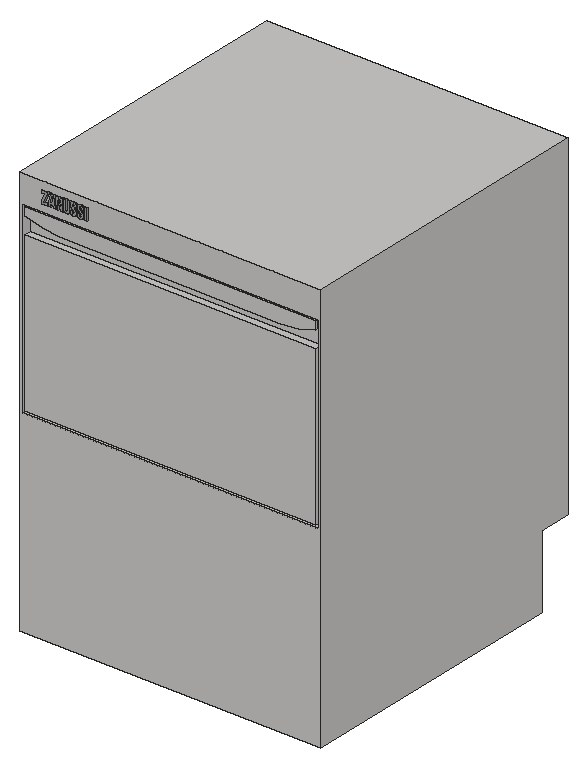
Revit family "QF_ZANUSSI_502727_ZLAI3", category Specialty Equipment, Revit 2018
Family settings
  Round Connector Dimension = Use Diameter
  Part Type = Normal
  Work Plane-Based = No
  Always vertical = Yes
  Cut with Voids When Loaded = No
  Shared = No
  Room Calculation Point = No
Parameters (values of type "Standard")
  Weight = 60.00 kg
  Watts = 0 W
  Volts = 400 V
  URL Manufacturer = "http://www.zanussiprofessional.com"
  URL = "http://www.zanussiprofessional.com"
  Steam Supply Size = 0 mm
  Steam Supply Minimum Pressure = 0.0 Pa
  Steam Supply Maximum Pressure = 0.0 Pa
  Steam Pounds per Hour = 0
  Show Logo [instance] = yes
  Show Clearance [instance] = yes
  Refrigeration Suction Line Size = 0 mm
  Refrigeration Liquid Line Size = 0 mm
  Refrigerant Compressor Remote = yes
  Manufacturer = "Zanussi"
  Phase = 3
  Model = "ZLAI3"
  Length Actual = 600 mm  # constant formula
  Item Number = "502727"
  Hot Water Size = 19.05 mm
  Height Actual = 820 mm  # constant formula
  HP = "7.2 HP"
  Gas Size = 0 mm
  Gas KW = 0
  Gas Input Pressure = 0 W
  Direct Waste Size = 40 mm
  Description = "UNDERCOUNTER(L), ACTIVE, DOUBLE SKIN, 3PH, 720D/H"
  Depth Actual = 615 mm  # constant formula
  Cycle = 50 Hz
  Condensate Return Size = 0 mm
  Compressed Air Volume = 0.0 L/s
  Compressed Air Size = 0 mm
  Compressed Air Pressure = 0.0 Pa
  Cold Water Size = 0 mm
  Accessory = yes
Reference planes
  plane 1 "Center (Front/Back)": y = 0
  plane 2: z = 0
  plane 3 "Center (Left/Right)": x = 0
  plane 4 "LEFT": x = -300
  plane 5 "RIGHT": x = 300
  plane 6 "FRONT": y = -307.5
  plane 7 "BACK": y = 307.5
  plane 8: x = -202.5
  plane 9: x = 202.5
  plane 10: z = 830
  plane 11: z = 10
  plane 12: y = -679.5
Forms (mm)
  Extrusion 1, solid, material "QF_Finishes_Stainless Steel"
    sketch origin (0, 0, 0) x (1, 0, 0) y (0, 1, 0)
      loop
        line (-300, -307.5) -> (300, -307.5) -> (300, 243.5) -> (-300, 243.5) -> (-300, -307.5)
    from 10 to 830
  Extrusion 2, solid, material "QF_Finishes_Stainless Steel"
    sketch origin (0, 0, 0) x (1, 0, 0) y (0, 1, 0)
      loop
        line (-300, 243.5) -> (300, 243.5) -> (300, 307.5) -> (-300, 307.5) -> (-300, 243.5)
    from 157.434 to 830
  Extrusion 3, void
    sketch origin (-300, -307.5, 0) x (-1, 0, 0) y (0, 0, 1)
      loop
        line (-5, 773.217) -> (-595, 773.217) -> (-595, 401.217) -> (-5, 401.217) -> (-5, 773.217)
    from 0 to 30
  Extrusion 4, solid, material "QF_Finishes_Stainless Steel"
    sketch origin (-274, -392, 733) x (0, 0, -1) y (1, 0, 0)
      loop
        circle (693, 143) r 10
    from -635.5 to -699.5
  Extrusion 5, solid, material "QF_Door-Drawer Clearances", visible <- "Show Clearance", detail levels coarse
    sketch origin (-230, -282.5, -30) x (0, 1, 0) y (0, 0, -1)
      loop
        line (-25, -431.217) -> (-397, -431.217)
        arc (-397, -431.217) -> (-288.044, -694.261) -> (-25, -803.217) r 372
        line (-25, -803.217) -> (-25, -431.217)
    from 59.655 to -520
  Extrusion 6, solid, material "QF_Finishes_Stainless Steel"
    sketch origin (-331.481, -392, 703) x (0, 0, -1) y (1, 0, 0)
      loop
        circle (663, 252.481) r 8
    from -635.5 to -699.5
  Extrusion 7, solid, material "QF_Finishes_Stainless Steel"
    sketch origin (-230, -282.5, 0) x (0, 1, 0) y (0, 0, -1)
      loop
        line (-25, -406.25) -> (-25, -720) -> (-10, -720) -> (-10, -770) -> (0, -770) -> (0, -406.25) -> (-25, -406.25)
    from 59.655 to -520
  Extrusion 8, solid, material "QF_Finishes_Stainless Steel"
    sketch origin (-230, -282.5, 0) x (0, 1, 0) y (0, 0, -1)
      loop
        line (-10, -770) -> (-10, -767.514) -> (-22.5, -767.514) -> (-22.5, -741.25) -> (-25, -741.25) -> (-25, -770) -> (-10, -770)
    from 59.655 to -520
  Extrusion 9, void
    sketch origin (-230, -307.5, 770) x (0, 0, 1) y (1, 0, 0)
      loop
        line (-28.75, 10.266) -> (-28.75, -59.655) -> (-15.552, -59.655)
        arc (-15.552, -59.655) -> (-25.346, -25.298) -> (-28.75, 10.266) r 196.283
      loop
        arc (-28.75, 450.08) -> (-25.346, 485.643) -> (-15.552, 520) r 196.283
        line (-15.552, 520) -> (-28.75, 520) -> (-28.75, 450.08)
    from 0 to 2.5
  Extrusion 10, solid, material "QF_Finishes_Stainless Steel"
    sketch origin (-301, 938.5, 792.934) x (0, -1, 0) y (1, 0, 0)
      loop
        circle (663, 158) r 8
    from -635.5 to -645.5
  Extrusion 11, solid, material "QF_Finishes_Stainless Steel"
    sketch origin (0, 17.5, 0) x (1, 0, 0) y (0, 1, 0)
      loop
        circle (-254, -255) r 12.5
      loop
        circle (254, -255) r 12.5
      loop
        circle (-254, 176) r 12.5
      loop
        circle (254, 176) r 12.5
    from 0 to 10
Cuts and joins
  Extrusion 3 cuts Extrusion 1
  joined: Extrusion 1, Extrusion 2
  Extrusion 9 cuts Extrusion 7
  Extrusion 9 cuts Extrusion 8
Lines and regions (mm)
  Split face 1
    outline origin (-280, -307.5, 830) x (0, 0, -1) y (1, 0, 0)
      loop
        line (19.683, 178.044) -> (39.683, 178.044) -> (39.683, 218.044) -> (19.683, 218.044) -> (19.683, 178.044)
  Split face 2
    outline origin (-300, -307.5, 830) x (0, 0, -1) y (1, 0, 0)
      loop
        line (0, 60) -> (8.971, 363.359)
        arc (8.971, 363.359) -> (10.385, 376.81) -> (13.197, 390.04) r 129.217
        line (13.197, 390.04) -> (16.45, 402.178)
        arc (16.45, 402.178) -> (21.39, 439.707) -> (16.45, 477.235) r 145
        line (16.45, 477.235) -> (12.733, 491.107)
        arc (12.733, 491.107) -> (7.775, 516.22) -> (4.504, 541.608) r 383.339
        line (4.504, 541.608) -> (0, 579.217)
      loop
        line (56.783, 109.273) -> (50.394, 371.184)
        arc (50.394, 371.184) -> (48.98, 384.635) -> (46.168, 397.865) r 129.217
        line (46.168, 397.865) -> (42.916, 410.003)
        arc (42.916, 410.003) -> (37.975, 447.532) -> (42.916, 485.06) r 145
        line (42.916, 485.06) -> (46.633, 498.932)
        arc (46.633, 498.932) -> (51.508, 520.123) -> (54.862, 541.608) r 305
        line (54.862, 541.608) -> (56.783, 557.653)
  Split face 3
    outline origin (-300, -307.5, 830) x (0, 0, -1) y (1, 0, 0)
      loop
        line (0.533, 600) -> (7.482, 541.965)
        arc (7.482, 541.965) -> (10.72, 516.79) -> (15.63, 491.887) r 380.339
        line (15.63, 491.887) -> (19.347, 478.015)
        arc (19.347, 478.015) -> (24.39, 439.71) -> (19.347, 401.405) r 148
        line (19.347, 401.405) -> (16.095, 389.267)
        arc (16.095, 389.267) -> (13.348, 376.344) -> (11.967, 363.205) r 126.217
        line (11.967, 363.205) -> (0, 2.678)
      loop
        line (56.783, 582.884) -> (51.883, 541.965)
        arc (51.883, 541.965) -> (48.562, 520.691) -> (43.735, 499.709) r 302
        line (43.735, 499.709) -> (40.018, 485.837)
        arc (40.018, 485.837) -> (34.975, 447.532) -> (40.018, 409.226) r 148
        line (40.018, 409.226) -> (43.27, 397.089)
        arc (43.27, 397.089) -> (46.017, 384.166) -> (47.398, 371.027) r 126.217
        line (47.398, 371.027) -> (56.783, 51.951)
  Split face 4
    outline origin (-300, -307.5, 830) x (0, 0, -1) y (1, 0, 0)
      loop
        line (56.783, 5) -> (56.783, 0)
      loop
        line (56.783, 595) -> (56.783, 600)
  symbolic lines
    curve 1: line (-300, 307.5, 0) -> (300, 307.5, 0)
    curve 2: line (-300, -307.5, 0) -> (-300, 307.5, 0)
    curve 3: line (300, -307.5, 0) -> (-300, -307.5, 0)
    curve 4: line (300, 307.5, 0) -> (300, -307.5, 0)
  symbolic lines, style "QF_Door-Drawer Clearances"
    curve 5: line (-290, -679.5, 0) -> (290, -679.5, 0)
    curve 6: line (290, -679.5, 0) -> (290, -307.5, 0)
    curve 7: line (-290, -679.5, 0) -> (-290, -307.5, 0)
  symbolic lines, style "SpecialityEquipmentHiddenLines"
    curve 8: line (-300, 243.5, 0) -> (300, 243.5, 0)
Dimensions and locks
  equal spacing: plane 4 "LEFT", plane 3 "Center (Left/Right)", plane 5 "RIGHT"
  equal spacing: plane 7 "BACK", plane 1 "Center (Front/Back)", plane 6 "FRONT"
  plane 7 "BACK" to plane 6 "FRONT" = 615 mm
  plane 4 "LEFT" to plane 5 "RIGHT" = 600 mm
  plane 4 "LEFT" to plane 8 = 97.5 mm
  plane 9 to plane 5 "RIGHT" = 97.5 mm
  plane 11 to level = 10 mm
  plane 4 "LEFT" to plane 3 "Center (Left/Right)" = 300 mm
  plane 10 to level = 830 mm  (x2)
  plane 8 to plane 9 = 405 mm
  Extrusion 10 sketch curve to plane 4 "LEFT" = 157 mm
  level to Extrusion 4 sketch curve = 40 mm
  Extrusion 4 sketch curve to plane 4 "LEFT" = 169 mm
  Extrusion 6 sketch curve to plane 4 "LEFT" = 221 mm
  level to Extrusion 6 sketch curve = 40 mm
  plane 9 to plane 8 = 405 mm
  plane 7 "BACK" to curve 5 = 987 mm
  cut or joined group of Extrusion 7, Extrusion 9 to cut or joined group of Extrusion 1, Extrusion 2, Extrusion 3 = 318.783 mm
  plane 10 to plane 11 = 820 mm
  cut or joined group of Extrusion 8, Extrusion 9 to Extrusion 5 = 368.783 mm
  plane 7 "BACK" to plane 12 = 987 mm
  aligned and locked: level to plane 2
  aligned and locked: Extrusion 1 sketch curve to plane 6 "FRONT"
  aligned and locked: Extrusion 1 sketch curve to plane 4 "LEFT"
  aligned and locked: plane 5 "RIGHT" to Extrusion 1 sketch curve
  aligned and locked: Extrusion 1 to plane 11
  aligned and locked: Extrusion 2 sketch curve to Extrusion 1  (x2)
  aligned and locked: plane 7 "BACK" to Extrusion 2 sketch curve
  aligned and locked: plane 5 "RIGHT" to Extrusion 2 sketch curve
  aligned and locked: Extrusion 2 to Extrusion 4
  aligned and locked: Extrusion 2 to Extrusion 6
  aligned and locked: plane 7 "BACK" to Extrusion 6
  aligned and locked: plane 7 "BACK" to Extrusion 4
  aligned and locked: cut or joined group of Extrusion 8, Extrusion 9 to Extrusion 9
  aligned and locked: plane 10 to Extrusion 2
Automatic sketch dimensions
  Extrusion 1 sketch curve to plane 7 "BACK" = 64 mm
  Extrusion 3 sketch curve to Extrusion 1 = 5 mm  (x2)
  Extrusion 3 sketch curve to Extrusion 1 = 428.783 mm
  Extrusion 3 sketch curve to Extrusion 1 = 56.783 mm
  Extrusion 7 sketch curve to plane 6 "FRONT" = 0 mm
  plane 6 "FRONT" to Extrusion 7 sketch curve = 15 mm
  Extrusion 7 sketch curve to Extrusion 7 sketch curve = 25 mm
  Extrusion 7 sketch curve to plane 10 = 60 mm
  Extrusion 7 sketch curve to Extrusion 7 sketch curve = 50 mm
  Extrusion 7 sketch curve to Extrusion 7 sketch curve = 313.75 mm
  Extrusion 8 sketch curve to plane 6 "FRONT" = 0 mm
  Extrusion 8 sketch curve to Extrusion 8 sketch curve = 2.5 mm
  Extrusion 8 sketch curve to Extrusion 8 sketch curve = 12.5 mm
  Extrusion 8 sketch curve to plane 10 = 60 mm
  Extrusion 8 sketch curve to Extrusion 8 sketch curve = 2.486 mm
  Extrusion 8 sketch curve to Extrusion 8 sketch curve = 26.264 mm
  Extrusion 9 sketch curve to Extrusion 8 = 0 mm  (x3)
  Extrusion 8 to Extrusion 9 sketch curve = 0 mm
  Extrusion 9 sketch curve to Extrusion 8 = 13.198 mm  (x2)
  Extrusion 9 sketch curve to Extrusion 8 = 70.763 mm  (x2)
  Extrusion 9 sketch curve to Extrusion 8 = 196.281 mm  (x2)
  Split face 1 sketch curve to cut or joined group of Extrusion 1, Extrusion 2, Extrusion 3 = 19.683 mm
  cut or joined group of Extrusion 1, Extrusion 2, Extrusion 3 to Split face 1 sketch curve = 17.1 mm
  Split face 1 sketch curve to cut or joined group of Extrusion 1, Extrusion 2, Extrusion 3 = 193.044 mm
  Split face 1 sketch curve to Split face 1 sketch curve = 40 mm
  Split face 2 sketch curve to cut or joined group of Extrusion 1, Extrusion 2, Extrusion 3 = 0 mm  (x4)
  cut or joined group of Extrusion 1, Extrusion 2, Extrusion 3 to Split face 2 sketch curve = 78.646 mm
  Split face 2 sketch curve to Split face 2 sketch curve = 44.963 mm  (x2)
  Split face 2 sketch curve to cut or joined group of Extrusion 1, Extrusion 2, Extrusion 3 = 17.128 mm  (x2)
  Split face 2 sketch curve to Split face 2 sketch curve = 124.365 mm
  Split face 2 sketch curve to cut or joined group of Extrusion 1, Extrusion 2, Extrusion 3 = 4.504 mm
  Split face 2 sketch curve to cut or joined group of Extrusion 1, Extrusion 2, Extrusion 3 = 8.971 mm
  Split face 2 sketch curve to cut or joined group of Extrusion 1, Extrusion 2, Extrusion 3 = 12.733 mm
  Split face 2 sketch curve to cut or joined group of Extrusion 1, Extrusion 2, Extrusion 3 = 13.197 mm
  Split face 2 sketch curve to Split face 2 sketch curve = 3.717 mm
  Split face 2 sketch curve to Split face 2 sketch curve = 3.252 mm
  cut or joined group of Extrusion 1, Extrusion 2, Extrusion 3 to Split face 2 sketch curve = 13.867 mm  (x2)
  cut or joined group of Extrusion 1, Extrusion 2, Extrusion 3 to Split face 2 sketch curve = 10.615 mm
  cut or joined group of Extrusion 1, Extrusion 2, Extrusion 3 to Split face 2 sketch curve = 10.15 mm
  cut or joined group of Extrusion 1, Extrusion 2, Extrusion 3 to Split face 2 sketch curve = 6.389 mm
  cut or joined group of Extrusion 1, Extrusion 2, Extrusion 3 to Split face 2 sketch curve = 1.921 mm
  Split face 2 sketch curve to cut or joined group of Extrusion 1, Extrusion 2, Extrusion 3 = 81.229 mm
  Split face 2 sketch curve to cut or joined group of Extrusion 1, Extrusion 2, Extrusion 3 = 42.66 mm
  Split face 2 sketch curve to cut or joined group of Extrusion 1, Extrusion 2, Extrusion 3 = 53.392 mm
  Split face 2 sketch curve to Split face 2 sketch curve = 0 mm
  Split face 2 sketch curve to Split face 2 sketch curve = 13.872 mm  (x2)
  Split face 2 sketch curve to Split face 2 sketch curve = 37.529 mm  (x2)
  Split face 2 sketch curve to Split face 2 sketch curve = 12.138 mm  (x2)
  Split face 2 sketch curve to Split face 2 sketch curve = 26.681 mm  (x2)
  Split face 2 sketch curve to Split face 2 sketch curve = 16.045 mm
  Split face 2 sketch curve to cut or joined group of Extrusion 1, Extrusion 2, Extrusion 3 = 104.273 mm
  Split face 2 sketch curve to cut or joined group of Extrusion 1, Extrusion 2, Extrusion 3 = 55 mm
  Split face 2 sketch curve to cut or joined group of Extrusion 1, Extrusion 2, Extrusion 3 = 15.783 mm
  Split face 3 sketch curve to cut or joined group of Extrusion 1, Extrusion 2, Extrusion 3 = 0 mm  (x4)
  cut or joined group of Extrusion 1, Extrusion 2, Extrusion 3 to Split face 3 sketch curve = 78.646 mm
  Split face 3 sketch curve to Split face 3 sketch curve = 44.963 mm  (x2)
  Split face 3 sketch curve to cut or joined group of Extrusion 1, Extrusion 2, Extrusion 3 = 17.128 mm  (x2)
  Split face 3 sketch curve to Split face 3 sketch curve = 124.365 mm
  Split face 3 sketch curve to cut or joined group of Extrusion 1, Extrusion 2, Extrusion 3 = 7.482 mm
  Split face 3 sketch curve to cut or joined group of Extrusion 1, Extrusion 2, Extrusion 3 = 11.967 mm
  Split face 3 sketch curve to cut or joined group of Extrusion 1, Extrusion 2, Extrusion 3 = 15.63 mm
  Split face 3 sketch curve to cut or joined group of Extrusion 1, Extrusion 2, Extrusion 3 = 16.095 mm
  Split face 3 sketch curve to Split face 3 sketch curve = 3.252 mm  (x2)
  Split face 3 sketch curve to Split face 3 sketch curve = 3.717 mm
  cut or joined group of Extrusion 1, Extrusion 2, Extrusion 3 to Split face 3 sketch curve = 16.765 mm  (x2)
  cut or joined group of Extrusion 1, Extrusion 2, Extrusion 3 to Split face 3 sketch curve = 13.048 mm
  cut or joined group of Extrusion 1, Extrusion 2, Extrusion 3 to Split face 3 sketch curve = 9.385 mm
  cut or joined group of Extrusion 1, Extrusion 2, Extrusion 3 to Split face 3 sketch curve = 4.9 mm
  Split face 3 sketch curve to cut or joined group of Extrusion 1, Extrusion 2, Extrusion 3 = 81.229 mm
  Split face 3 sketch curve to cut or joined group of Extrusion 1, Extrusion 2, Extrusion 3 = 42.66 mm
  Split face 3 sketch curve to cut or joined group of Extrusion 1, Extrusion 2, Extrusion 3 = 53.035 mm
  Split face 3 sketch curve to Split face 3 sketch curve = 0 mm
  Split face 3 sketch curve to Split face 3 sketch curve = 13.872 mm  (x2)
  Split face 3 sketch curve to Split face 3 sketch curve = 38.305 mm  (x2)
  Split face 3 sketch curve to Split face 3 sketch curve = 12.138 mm  (x2)
  Split face 3 sketch curve to Split face 3 sketch curve = 26.062 mm  (x2)
  Split face 3 sketch curve to cut or joined group of Extrusion 1, Extrusion 2, Extrusion 3 = 0.533 mm
  Split face 3 sketch curve to cut or joined group of Extrusion 1, Extrusion 2, Extrusion 3 = 46.951 mm
  cut or joined group of Extrusion 1, Extrusion 2, Extrusion 3 to Split face 3 sketch curve = 2.322 mm
  Split face 3 sketch curve to cut or joined group of Extrusion 1, Extrusion 2, Extrusion 3 = 12.116 mm
  cut or joined group of Extrusion 1, Extrusion 2, Extrusion 3 to Split face 4 sketch curve = 0 mm
  Split face 4 sketch curve to cut or joined group of Extrusion 1, Extrusion 2, Extrusion 3 = 0 mm  (x5)
  plane 4 "LEFT" to Extrusion 11 sketch curve = 46 mm  (x2)
  Extrusion 11 sketch curve to plane 5 "RIGHT" = 46 mm  (x2)
  plane 6 "FRONT" to Extrusion 11 sketch curve = 70 mm  (x2)
  Extrusion 11 sketch curve to plane 7 "BACK" = 114 mm  (x2)
  curve 8 to plane 4 "LEFT" = 0 mm
  curve 7 to plane 6 "FRONT" = 0 mm
  curve 4 to plane 5 "RIGHT" = 0 mm
  curve 2 to plane 7 "BACK" = 0 mm
  plane 4 "LEFT" to curve 7 = 10 mm
  curve 5 to plane 5 "RIGHT" = 10 mm
  curve 8 to plane 7 "BACK" = 64 mm
  Extrusion 5 sketch curve to plane 12 = 0 mm
  Extrusion 5 sketch curve to plane 6 "FRONT" = 0 mm
  plane 11 to Extrusion 5 sketch curve = 391.217 mm
  Extrusion 10 sketch curve to plane 7 "BACK" = 32 mm
  radius of Extrusion 4 sketch curve = 10 mm
  radius of Extrusion 6 sketch curve = 8 mm
  radius of Extrusion 10 sketch curve = 8 mm
  radius of Extrusion 11 sketch curve = 12.5 mm  (x4)
Nested families
  nested 1: "ZAN_Logo_S_Grey" at (-210.606, -307.5, 801.116) x (1, 0, 0) z (0, -1, 0), type "ZAN_Logo_S_Grey"
Connectors
  piping at (-131, 307.5, 40), diameter 20
    settings: on Extrusion 4, index 1, connector inside diameter 609.6 mm, connector length 0 mm, flow factor 0, pipe flow 0.0 L/s, pressure drop 0.0 Pa, fitting loss kfactor 0, connector angle 0.00°, fixture units 0, engagement length 0 mm, angle of deflection 0.00°, flow configuration 1, flow direction 1, fitting loss method 0, system type 16, joint type 0, gender type 0, connector reference index -1, connector utility 0, adjustable connector no, is connector primary yes, connector description "Drain"
  piping at (-79, 307.5, 40), diameter 19.05, driven by "Hot Water Size"
    settings: on Extrusion 6, index 3, connector inside diameter 609.6 mm, connector length 0 mm, flow factor 0, pipe flow 0.0 L/s, pressure drop 0.0 Pa, fitting loss kfactor 0, connector angle 0.00°, fixture units 0, engagement length 0 mm, angle of deflection 0.00°, flow configuration 1, flow direction 1, fitting loss method 0, system type 19, joint type 0, gender type 0, connector reference index -1, connector utility 0, adjustable connector no, is connector primary no, connector description "Hot Water Inlet"
  electrical at (-143, 275.5, 147.434), driven by "Volts"
    settings: on Extrusion 10, index 4, voltage 400 V, apparent load 0 VA, apparent load phase1 0 VA, apparent load phase2 0 VA, apparent load phase3 0 VA, power factor 1, load classification "Altro", number of poles 1, system type 31, power factor state 1, is connector primary yes, connector utility no, sub classification motor no, connector description "Electrical Connection"
Definition of nested family "ZAN_Logo_S_Grey"
  Parameters (values of type "ZAN_Logo_S_Grey")
    Default Elevation = 0 mm
  Reference planes
    plane 1 "Centro (Fronte/Retro)": y = 0
    plane 2: z = 0
    plane 3 "Centro (Sinistra/Destra)": x = 0
  Forms (mm)
    Extrusion 1, solid
      sketch origin (0, 0, 0) x (1, 0, 0) y (0, 1, 0)
        loop
          line (-1219.2, 1219.2) -> (-1219.2, -1219.2) -> (1219.2, -1219.2) -> (1219.2, 1219.2) -> (-1219.2, 1219.2)
      from 0 to -304.8
    Extrusion 2, solid
      sketch origin (17.793, -46.218, 0) x (-1, 0, 0) y (0, -1, 0)
        loop
          spline (-4.176, -58.079) -> (-3.496, -58.328) -> (-2.793, -58.512) -> (-2.075, -58.63) -> (-1.348, -58.682) -> (-0.619, -58.669) -> (0.106, -58.588) -> (0.818, -58.44) -> (1.512, -58.225) -> (2.18, -57.941) -> (2.817, -57.589) -> (3.414, -57.167) -> (3.966, -56.676)
          spline (3.966, -56.676) -> (4.293, -56.162) -> (4.575, -55.61) -> (4.81, -55.026) -> (5, -54.419) -> (5.146, -53.797) -> (5.247, -53.166) -> (5.304, -52.536) -> (5.318, -51.913) -> (5.288, -51.306) -> (5.217, -50.723) -> (5.103, -50.17) -> (4.949, -49.657)
          line (4.949, -49.657) -> (2.702, -46.428) -> (0.316, -44.323)
          spline (0.316, -44.323) -> (0.065, -44.115) -> (-0.195, -43.909) -> (-0.46, -43.704) -> (-0.729, -43.496) -> (-0.997, -43.282) -> (-1.263, -43.059) -> (-1.523, -42.825) -> (-1.774, -42.576) -> (-2.013, -42.309) -> (-2.238, -42.022) -> (-2.445, -41.712) -> (-2.632, -41.375)
          spline (-2.632, -41.375) -> (-2.666, -41.159) -> (-2.697, -40.934) -> (-2.722, -40.701) -> (-2.736, -40.465) -> (-2.736, -40.227) -> (-2.72, -39.989) -> (-2.682, -39.754) -> (-2.621, -39.524) -> (-2.533, -39.302) -> (-2.414, -39.091) -> (-2.261, -38.892) -> (-2.07, -38.708)
          line (-2.07, -38.708) -> (-0.245, -38.567)
          spline (-0.245, -38.567) -> (0.096, -38.8) -> (0.354, -39.074) -> (0.54, -39.381) -> (0.664, -39.716) -> (0.738, -40.073) -> (0.772, -40.445) -> (0.777, -40.825) -> (0.763, -41.208) -> (0.742, -41.588) -> (0.723, -41.957) -> (0.718, -42.309) -> (0.737, -42.638)
          line (0.737, -42.638) -> (5.65, -42.638)
          spline (5.65, -42.638) -> (5.708, -42.042) -> (5.741, -41.448) -> (5.747, -40.857) -> (5.723, -40.273) -> (5.668, -39.696) -> (5.58, -39.129) -> (5.457, -38.574) -> (5.297, -38.032) -> (5.098, -37.506) -> (4.857, -36.997) -> (4.574, -36.508) -> (4.247, -36.041)
          spline (4.247, -36.041) -> (3.844, -35.675) -> (3.409, -35.35) -> (2.946, -35.065) -> (2.458, -34.819) -> (1.949, -34.612) -> (1.421, -34.444) -> (0.88, -34.314) -> (0.326, -34.221) -> (-0.234, -34.165) -> (-0.8, -34.146) -> (-1.366, -34.163) -> (-1.93, -34.216)
          spline (-1.93, -34.216) -> (-2.526, -34.309) -> (-3.116, -34.448) -> (-3.695, -34.633) -> (-4.259, -34.861) -> (-4.801, -35.131) -> (-5.316, -35.444) -> (-5.799, -35.798) -> (-6.245, -36.191) -> (-6.648, -36.624) -> (-7.002, -37.095) -> (-7.303, -37.603) -> (-7.545, -38.146)
          spline (-7.545, -38.146) -> (-7.694, -38.815) -> (-7.792, -39.487) -> (-7.839, -40.158) -> (-7.836, -40.824) -> (-7.785, -41.482) -> (-7.685, -42.129) -> (-7.539, -42.762) -> (-7.347, -43.377) -> (-7.111, -43.97) -> (-6.83, -44.538) -> (-6.506, -45.078) -> (-6.141, -45.586)
          line (-6.141, -45.586) -> (-0.526, -50.64) -> (0.176, -51.482)
          spline (0.176, -51.482) -> (0.248, -51.66) -> (0.323, -51.843) -> (0.397, -52.03) -> (0.467, -52.22) -> (0.529, -52.412) -> (0.579, -52.605) -> (0.615, -52.798) -> (0.633, -52.989) -> (0.63, -53.179) -> (0.601, -53.366) -> (0.545, -53.55) -> (0.456, -53.728)
          spline (0.456, -53.728) -> (0.375, -53.892) -> (0.273, -54.034) -> (0.154, -54.155) -> (0.02, -54.258) -> (-0.126, -54.343) -> (-0.28, -54.412) -> (-0.441, -54.466) -> (-0.604, -54.508) -> (-0.767, -54.537) -> (-0.928, -54.556) -> (-1.082, -54.567) -> (-1.228, -54.57)
          line (-1.228, -54.57) -> (-2.632, -53.587) -> (-2.772, -50.64) -> (-7.405, -50.64)
          spline (-7.405, -50.64) -> (-7.41, -51.031) -> (-7.423, -51.432) -> (-7.44, -51.839) -> (-7.456, -52.251) -> (-7.469, -52.665) -> (-7.475, -53.079) -> (-7.468, -53.489) -> (-7.446, -53.894) -> (-7.404, -54.291) -> (-7.339, -54.679) -> (-7.247, -55.053) -> (-7.123, -55.412)
          spline (-7.123, -55.412) -> (-6.999, -55.693) -> (-6.837, -55.97) -> (-6.643, -56.244) -> (-6.422, -56.509) -> (-6.177, -56.765) -> (-5.913, -57.009) -> (-5.634, -57.238) -> (-5.346, -57.45) -> (-5.051, -57.643) -> (-4.755, -57.814) -> (-4.462, -57.96) -> (-4.176, -58.079)
        loop
          spline (-21.021, -55.552) -> (-20.633, -56.181) -> (-20.177, -56.736) -> (-19.661, -57.217) -> (-19.092, -57.627) -> (-18.478, -57.966) -> (-17.827, -58.237) -> (-17.147, -58.441) -> (-16.446, -58.578) -> (-15.73, -58.652) -> (-15.009, -58.662) -> (-14.29, -58.611) -> (-13.581, -58.5)
          spline (-13.581, -58.5) -> (-13.088, -58.407) -> (-12.595, -58.269) -> (-12.109, -58.088) -> (-11.636, -57.866) -> (-11.183, -57.605) -> (-10.756, -57.307) -> (-10.361, -56.974) -> (-10.004, -56.608) -> (-9.692, -56.211) -> (-9.431, -55.784) -> (-9.228, -55.33) -> (-9.089, -54.851)
          spline (-9.089, -54.851) -> (-8.873, -54.211) -> (-8.715, -53.559) -> (-8.615, -52.901) -> (-8.574, -52.241) -> (-8.592, -51.585) -> (-8.668, -50.938) -> (-8.802, -50.306) -> (-8.995, -49.693) -> (-9.247, -49.106) -> (-9.557, -48.55) -> (-9.925, -48.03) -> (-10.352, -47.551)
          line (-10.352, -47.551) -> (-15.546, -42.919) -> (-16.669, -41.234)
          spline (-16.669, -41.234) -> (-16.704, -41.021) -> (-16.735, -40.804) -> (-16.761, -40.583) -> (-16.778, -40.361) -> (-16.784, -40.139) -> (-16.774, -39.919) -> (-16.748, -39.701) -> (-16.7, -39.488) -> (-16.63, -39.28) -> (-16.533, -39.08) -> (-16.406, -38.889) -> (-16.248, -38.708)
          line (-16.248, -38.708) -> (-14.844, -38.427)
          spline (-14.844, -38.427) -> (-14.347, -38.545) -> (-13.969, -38.749) -> (-13.695, -39.028) -> (-13.508, -39.368) -> (-13.393, -39.757) -> (-13.335, -40.182) -> (-13.318, -40.63) -> (-13.326, -41.089) -> (-13.344, -41.546) -> (-13.356, -41.988) -> (-13.347, -42.403) -> (-13.3, -42.779)
          line (-13.3, -42.779) -> (-8.387, -42.638)
          spline (-8.387, -42.638) -> (-8.326, -42.034) -> (-8.288, -41.417) -> (-8.277, -40.794) -> (-8.299, -40.169) -> (-8.357, -39.548) -> (-8.457, -38.936) -> (-8.604, -38.339) -> (-8.803, -37.762) -> (-9.058, -37.21) -> (-9.375, -36.689) -> (-9.758, -36.204) -> (-10.212, -35.76)
          spline (-10.212, -35.76) -> (-10.793, -35.336) -> (-11.409, -34.976) -> (-12.054, -34.679) -> (-12.723, -34.445) -> (-13.409, -34.273) -> (-14.107, -34.163) -> (-14.811, -34.115) -> (-15.515, -34.127) -> (-16.213, -34.2) -> (-16.899, -34.333) -> (-17.568, -34.526) -> (-18.213, -34.777)
          spline (-18.213, -34.777) -> (-18.496, -34.897) -> (-18.783, -35.044) -> (-19.071, -35.216) -> (-19.357, -35.412) -> (-19.639, -35.629) -> (-19.915, -35.865) -> (-20.182, -36.119) -> (-20.438, -36.389) -> (-20.681, -36.672) -> (-20.907, -36.967) -> (-21.115, -37.272) -> (-21.301, -37.585)
          spline (-21.301, -37.585) -> (-21.55, -38.26) -> (-21.734, -38.948) -> (-21.854, -39.647) -> (-21.91, -40.351) -> (-21.901, -41.057) -> (-21.828, -41.761) -> (-21.69, -42.459) -> (-21.489, -43.148) -> (-21.222, -43.823) -> (-20.892, -44.48) -> (-20.497, -45.116) -> (-20.038, -45.726)
          line (-20.038, -45.726) -> (-14.142, -51.061) -> (-13.44, -52.886) -> (-14.002, -54.289) -> (-15.265, -54.57) -> (-16.669, -53.587) -> (-16.81, -50.78) -> (-21.582, -50.64)
          spline (-21.582, -50.64) -> (-21.558, -51.063) -> (-21.55, -51.491) -> (-21.554, -51.92) -> (-21.561, -52.35) -> (-21.567, -52.778) -> (-21.565, -53.201) -> (-21.547, -53.619) -> (-21.509, -54.029) -> (-21.444, -54.43) -> (-21.345, -54.818) -> (-21.206, -55.193) -> (-21.021, -55.552)
        loop
          line (-22.424, -34.216) -> (-27.337, -34.216) -> (-27.337, -58.22) -> (-22.424, -58.22) -> (-22.424, -34.216)
        loop
          line (14.213, -39.971) -> (14.213, -58.22) -> (19.126, -58.22) -> (19.126, -42.077) -> (18.845, -38.146) -> (18.424, -37.164) -> (17.442, -35.9) -> (16.459, -35.199) -> (14.494, -34.356) -> (13.511, -34.216) -> (11.265, -34.216) -> (10.142, -34.497) -> (8.458, -35.479) -> (6.493, -38.287) -> (6.352, -39.269) -> (6.352, -58.22) -> (11.265, -58.22) -> (11.265, -40.392) -> (11.827, -39.129) -> (13.371, -38.988) -> (14.213, -39.971)
        loop
          line (20.249, -58.22) -> (24.741, -58.22) -> (24.741, -42.919) -> (28.812, -58.22) -> (34.006, -58.22) -> (34.006, -34.216) -> (29.654, -34.216) -> (29.654, -50.078) -> (25.583, -34.216) -> (20.249, -34.216) -> (20.249, -58.22)
        loop
          line (50.149, -58.22) -> (62.361, -58.22) -> (62.361, -53.728) -> (55.904, -53.868) -> (62.923, -39.129) -> (62.923, -34.216) -> (50.149, -34.216) -> (50.149, -39.129) -> (57.517, -39.129) -> (50.149, -54.149) -> (50.149, -58.22)
        loop
          line (38.778, -58.22) -> (45.516, -58.22) -> (49.868, -34.216) -> (44.814, -34.216) -> (44.113, -38.848) -> (40.042, -38.848) -> (39.34, -34.216) -> (34.286, -34.216) -> (38.778, -58.22)
        loop
          line (43.551, -43.2) -> (40.744, -43.2) -> (42.147, -54.117) -> (43.551, -43.2)
      from 0 to 1.644
  Dimensions and locks
    aligned and locked: plane 2 to Extrusion 1
    aligned and locked: level to Extrusion 1
